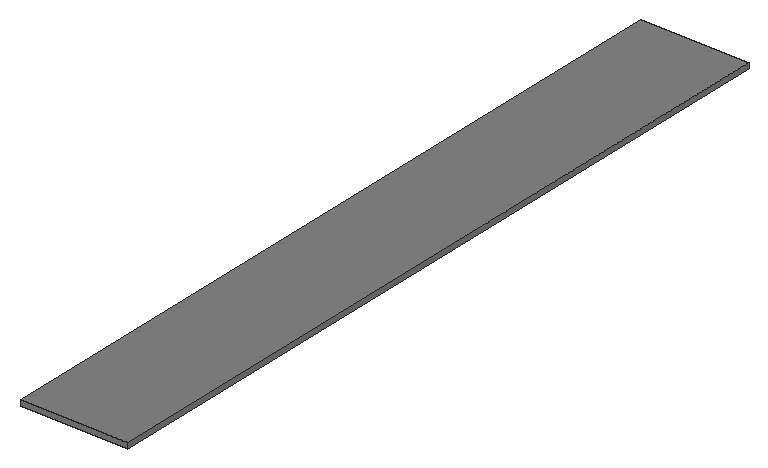
Revit family "Strap_Tie-Simpson_Strong_Tie-LSTA-3D", category Structural Connections, host Face, Revit 2020
Family settings
  Host = Face
  Material for Model Behavior = Other
  OmniClass Number = 23.20.40.11.24.14
  OmniClass Title = Wood Connectors
  Enable cutting in views = No
  Cut with Voids When Loaded = No
  Shared = No
Parameters (values of type "EFStrap_Tie")
  Width = 1 1/4"
  URL = "http://www.strongtie.com"
  Type Comments = "Strap Tie"  # constant formula
  SPF/HF_Allowable Loads_Tension_160 = "Use Type Catalog"
  Provide Feedback = "http://www.strongtie.com/drawings/revit_request.asp"
  Product Material = Steel - Simpson - Galvanized
  Product Documentation Link = "http://www.strongtie.com/products/connectors/hrs-st-ps-hst-lsta.asp"
  Part Number = Model  # "Use Type Catalog"
  Part Description = Description  # "Straps are designed to transfer tension loads in a wide variety of applications"
  Original Creation Date = "April 15, 2013"  # constant formula
  Model ID = "202E0F90-0D2B-4614-A213-7D97F4248792"  # constant formula
  Model Disclaimer = "Contact Simpson Strong-Tie Company Inc. for more information"  # constant formula
  Model = "Use Type Catalog"
  Metal Gauge = "Use Type Catalog"
  Manufacturer = "Simpson Strong-Tie Company Inc."  # constant formula
  Length = 9"
  Keynote = ""
  Is Void = yes
  Fasteners_Type = "Use Type Catalog"
  Fasteners_Quantity = 0
  Family Version = "1.0.0"  # constant formula
  Equipment Number [instance] = ""
  Equipment Abbreviation = "Use Type Catalog"
  Description = "Straps are designed to transfer tension loads in a wide variety of applications"  # constant formula
  Default Elevation = 0"
  Date Last Modified = "April 18, 2013"  # constant formula
  DF/SP_Allowable Loads_Tension_160 = "Use Type Catalog"
  Copyright = "Copyright © Simpson Strong-Tie Company Inc."  # constant formula
  Code Reference = "Use Type Catalog"
Reference planes (in)
  plane 1 "Center (Front/Back)": y = 0
  plane 2: z = 0
  plane 3 "Center (Left/Right)": x = 0
  plane 4 "top": z = 0.0625
  plane 5 "right": x = 0.625
  plane 6 "left": x = -0.625
  plane 7 "back": y = 4.5
  plane 8 "front": y = -4.5
Forms (in)
  Extrusion 1, solid, material "Steel - Simpson - Galvanized" <- "Product Material", detail levels medium+fine
    sketch origin (0, 0, -3.671) x (0, -1, 0) y (1, 0, 0)
      loop
        line (-4.5, 0.625) -> (-4.5, -0.625) -> (4.5, -0.625) -> (4.5, 0.625) -> (-4.5, 0.625)
    from 3.671 to 3.7335
Lines and regions (in)
  Masking region 1, detail levels medium+fine
    outline origin (0, 0, 0.0625) x (0, -1, 0) y (1, 0, 0)
      loop
        line (4.5, 0.625) -> (-4.5, 0.625) -> (-4.5, -0.625) -> (4.5, -0.625) -> (4.5, 0.625)
  Masking region 2, detail levels medium+fine
    outline origin (0.625, 0, 0) x (0, 1, 0) y (0, 0, 1)
      loop
        line (-4.5, 0) -> (4.5, 0) -> (4.5, 0.0625) -> (-4.5, 0.0625) -> (-4.5, 0)
  Masking region 3, detail levels medium+fine
    outline origin (-0.625, 0, 0) x (0, 1, 0) y (0, 0, 1)
      loop
        line (4.5, 0.0625) -> (-4.5, 0.0625) -> (-4.5, 0) -> (4.5, 0) -> (4.5, 0.0625)
  Masking region 4, detail levels medium+fine
    outline origin (0, 4.5, 0) x (-1, 0, 0) y (0, 0, 1)
      loop
        line (-0.625, 0) -> (0.625, 0) -> (0.625, 0.0625) -> (-0.625, 0.0625) -> (-0.625, 0)
  Masking region 5, detail levels medium+fine
    outline origin (0, -4.5, 0) x (-1, 0, 0) y (0, 0, 1)
      loop
        line (0.625, 0.0625) -> (-0.625, 0.0625) -> (-0.625, 0) -> (0.625, 0) -> (0.625, 0.0625)
  symbolic lines, detail levels medium+fine
    curve 1: line (0.625, -4.5, 0.0625) -> (0.625, 4.5, 0.0625)
    curve 2: line (0.625, 4.5, 0.0625) -> (-0.625, 4.5, 0.0625)
    curve 3: line (-0.625, 4.5, 0.0625) -> (-0.625, -4.5, 0.0625)
    curve 4: line (-0.625, -4.5, 0.0625) -> (0.625, -4.5, 0.0625)
    curve 5: line (0.625, -4.5, 0) -> (0.625, 4.5, 0)
    curve 6: line (0.625, 4.5, 0) -> (0.625, 4.5, 0.0625)
    curve 7: line (0.625, 4.5, 0.0625) -> (0.625, -4.5, 0.0625)
    curve 8: line (0.625, -4.5, 0.0625) -> (0.625, -4.5, 0)
    curve 9: line (0.625, 4.5, 0) -> (-0.625, 4.5, 0)
    curve 10: line (-0.625, 4.5, 0) -> (-0.625, 4.5, 0.0625)
    curve 11: line (-0.625, 4.5, 0.0625) -> (0.625, 4.5, 0.0625)
    curve 12: line (0.625, 4.5, 0.0625) -> (0.625, 4.5, 0)
Dimensions and locks (in)
  locked: plane 4 "top" to plane 2 at 0.0625
  equal spacing: plane 6 "left", plane 3 "Center (Left/Right)", plane 5 "right"
  "Width": plane 6 "left" to plane 5 "right"
  equal spacing: plane 7 "back", plane 1 "Center (Front/Back)", plane 8 "front"
  "Length": plane 7 "back" to plane 8 "front"
  aligned and locked: plane 2 to host face
  aligned and locked: level to host face
  aligned and locked: Extrusion 1 to plane 2
  aligned and locked: plane 4 "top" to Extrusion 1
  aligned and locked: plane 7 "back" to Extrusion 1
  aligned and locked: Extrusion 1 to plane 6 "left"
  aligned and locked: plane 5 "right" to Extrusion 1
  aligned and locked: Extrusion 1 to plane 8 "front"
  aligned and locked: curve 1 to Extrusion 1
  aligned and locked: curve 2 to Extrusion 1
  aligned and locked: curve 3 to Extrusion 1
  aligned and locked: curve 4 to Extrusion 1
  aligned and locked: Masking region 1 sketch curve to curve 1
  aligned and locked: Masking region 1 sketch curve to curve 2
  aligned and locked: Masking region 1 sketch curve to curve 3
  aligned and locked: Masking region 1 sketch curve to curve 4
  aligned and locked: curve 5 to Extrusion 1
  aligned and locked: curve 6 to Extrusion 1
  aligned and locked: curve 7 to Extrusion 1
  aligned and locked: curve 8 to Extrusion 1
  aligned and locked: Masking region 2 sketch curve to curve 5
  aligned and locked: Masking region 2 sketch curve to curve 6
  aligned and locked: Masking region 2 sketch curve to curve 7
  aligned and locked: Masking region 2 sketch curve to curve 8
  aligned and locked: Masking region 3 sketch curve to curve 7
  aligned and locked: Masking region 3 sketch curve to curve 8
  aligned and locked: Masking region 3 sketch curve to curve 5
  aligned and locked: Masking region 3 sketch curve to curve 6
  aligned and locked: curve 9 to Extrusion 1
  aligned and locked: curve 10 to Extrusion 1
  aligned and locked: curve 11 to Extrusion 1
  aligned and locked: curve 12 to Extrusion 1
  aligned and locked: Masking region 4 sketch curve to curve 9
  aligned and locked: Masking region 4 sketch curve to curve 10
  aligned and locked: Masking region 4 sketch curve to curve 11
  aligned and locked: Masking region 4 sketch curve to curve 12
  aligned and locked: Masking region 5 sketch curve to curve 11
  aligned and locked: Masking region 5 sketch curve to curve 12
  aligned and locked: Masking region 5 sketch curve to curve 9
  aligned and locked: Masking region 5 sketch curve to curve 10
Automatic sketch dimensions
  host sketch curve to host sketch curve = 1 1/4"
  host sketch curve to host sketch curve = 2.08166"
  Extrusion 1 sketch curve to plane 6 "left" = 0"
  Extrusion 1 sketch curve to plane 7 "back" = 0"
  Extrusion 1 sketch curve to plane 8 "front" = 0"
  Extrusion 1 sketch curve to plane 5 "right" = 0"
  curve 1 to plane 5 "right" = 0"
  curve 1 to plane 7 "back" = 0"
  curve 3 to plane 6 "left" = 0"
  curve 3 to plane 8 "front" = 0"
  curve 8 to level = 0"
  curve 8 to plane 8 "front" = 0"
  curve 7 to plane 4 "top" = 0"
  curve 7 to plane 7 "back" = 0"
  curve 12 to level = 0"
  curve 12 to plane 5 "right" = 0"
  curve 11 to plane 4 "top" = 0"
  curve 11 to plane 6 "left" = 0"
